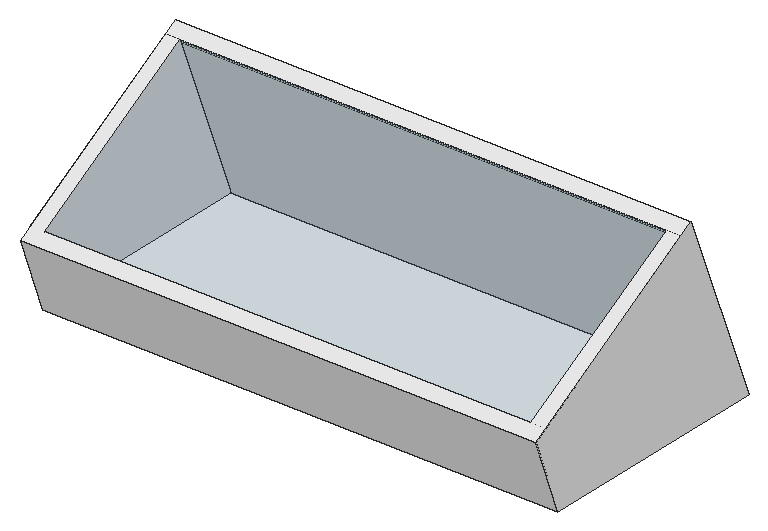
Revit family "Domotics-DomesticRanges-GEWISS-CHORUS_CONTAINER_INSTRUMENT_WHITE", category Apparecchi elettrici, Revit 2016
Family settings
  Mantenere orientamento annotazione = No
  Tipo di parte = Normale
  Quota connettore circolare = Usa diametro
  Basato su piano di lavoro = No
  Sempre verticale = Sì
  Taglio con vuoti quando caricato = No
  Condiviso = No
  Punto di calcolo locali = Sì
Parameters (values of type "GW16856 - Table plate 6P White")
  Version file RFA = "18.0"
  URL = "https://www.gewiss.com/ww/en"
  Torque screws tightening = "0,8NM"
  Thermo-pressure with ball = "70 °C"
  Technical sheet = "https://www.gewiss.com/ww/en/search?q=GW16856"
  Support = "GW16806"
  Suitable for plates = "ONE"
  Standard; = "EN 60670-1"
  Standard = "EN 60670-1"
  SEO = "Panel"
  Realized by GEWISS S.p.A. = ""
  Produttore = "GEWISS S.p.A."
  Outer dim. LxHxD (mm) = "181x90x69"
  Modello = "GW16856"
  Materiale_ = GEWISS BIANCO
  Material = "Rectangular"
  Larghezza = 181 mm
  Immagine tipo = GW16854.jpg
  IDT = "ac57cf95-720a-4d37-b923-c4ffb006943d"
  IDF = "7f89638b-f7e1-453d-9a1f-0e100603e236"
  Glow wire test: = "650 °C"
  Glow Wire Test = "650 °C"
  Electrocod = "0122"
  EAN code = "8011564279438"
  Descrizione = "TABLE AND WALL PLATE, 6-GANG, WHITE"
  Description: = "6 gang"
  Colour = "White"
  Catalogue Range = "CHORUS - DOMESTIC RANGE"
  Catalogue = "DOMOTICS"
  COBie.Tagnumber = ""
  COBie.CreatedOn = ""
  COBie.CreatebBy = ""
  COBie.ComponentRegisterItemID = ""
  COBie.Component.TagNumber = ""
  COBie.Component.Space = ""
  COBie.Component.SerialNumber = ""
  COBie.Component.InstallationDate = ""
  COBie.Component.Description = ""
  COBie.Component.BarCode = ""
Types (2, lengths in mm): name | Technical sheet | Support | Outer dim. LxHxD (mm) | Modello | Larghezza | IDT | EAN code | Descrizione | Description:
  GW16854 - Table plate 4P White | "https://www.gewiss.com/ww/en/search?q=GW16854" | "GW16804" | "140x90x69" | "GW16854" | 140 | "6296ec95-7c32-4731-9702-6d51d61b5969" | "8011564279421" | "TABLE AND WALL PLATE, 4-GANG, WHITE" | "4 gang"
  GW16856 - Table plate 6P White | "https://www.gewiss.com/ww/en/search?q=GW16856" | "GW16806" | "181x90x69" | "GW16856" | 181 | "ac57cf95-720a-4d37-b923-c4ffb006943d" | "8011564279438" | "TABLE AND WALL PLATE, 6-GANG, WHITE" | "6 gang"
Reference planes
  plane 1 "Centro (Fronte/Retro)": y = 0
  plane 2: z = 0
  plane 3 "Centro (Sinistra/Destra)": x = 0
  plane 4: y = 50
  plane 5: y = -50
  plane 6: x = -90.5
  plane 7: x = 90.5
  plane 8: y = -40
  plane 9: z = 67
  plane 10: through (0, -28.82, 1.792) normal (0, 0.9336, 0.3584)
  plane 11: z = 5
  plane 12: through (0, 20.134, 63.852) normal (0, -0.9336, -0.3584)
  plane 13: x = -85.5
  plane 14: x = 85.5
  plane 15 "A": through (4267.2, -43.54, 26.186) normal (0, -0.5, 0.866)
  plane 16 "C": through (4267.2, -9.369, 45.915) normal (0, -0.866, -0.5)
  plane 17: through (4267.2, -46.745, 23.181) normal (0, -0.5, 0.866)
Forms (mm)
  Sweep 1, solid, material "GEWISS BIANCO" <- "Materiale_"
    path in 3D
      loop
        line (0, 0, 59.924) -> (0, 30.527, -19.603)
    profile origin (0, 15.264, 20.161) x (0, 0.93358, 0.358368) y (1, 0, 0)
      loop
        line (-52.738, 90.5) -> (-52.738, -90.5) -> (25.204, -90.5) -> (25.204, 90.5) -> (-52.738, 90.5)
  Extrusion 2, void
    sketch origin (0, 0, 0) x (0, 1, 0) y (0, 0, 1)
      loop
        line (36.25, 72.253) -> (21.25, 98.234) -> (-87.441, 35.481) -> (-72.441, 9.5) -> (36.25, 72.253)
    from -90.5 to 90.5
  Extrusion 3, void
    sketch origin (0, 0, 0) x (1, 0, 0) y (0, 1, 0)
      loop
        line (-90.5, 85) -> (-90.5, -70) -> (90.5, -70) -> (90.5, 85) -> (-90.5, 85)
    from -119.131 to 0
  Extrusion 4, void
    sketch origin (0, 0, 0) x (0, 1, 0) y (0, 0, 1)
      loop
        line (18.925, 67) -> (-53.851, 67) -> (-30.051, 5) -> (42.725, 5) -> (18.925, 67)
    from -85.5 to 85.5
  Extrusion 5, solid, material "Vetro"
    sketch origin (0, 0, 0) x (0, 1, 0) y (0, 0, 1)
      loop
        line (-38.793, 27.772) -> (20.781, 62.167) -> (20.418, 63.112) -> (-39.155, 28.718) -> (-38.793, 27.772)
    from -90.5 to 90.5
Cuts and joins
  Extrusion 2, Extrusion 3, Extrusion 4 cuts Sweep 1
Lines and regions (mm)
  sketch lines
    curve 1: line (0, 0, 59.924) -> (0, 30.527, -19.603)
  model lines
    curve 2: line (-85.5, -12.432, 44.147) -> (85.5, -12.432, 44.147)
Dimensions and locks
  equal spacing: plane 4, plane 1 "Centro (Fronte/Retro)", plane 5
  plane 4 to plane 1 "Centro (Fronte/Retro)" = 50 mm
  equal spacing: plane 6, plane 3 "Centro (Sinistra/Destra)", plane 7
  locked: plane 8 to plane 5 at 10
  locked: plane 9 to level at 67
  plane 11 to level = 5 mm
  locked: plane 6 to plane 13 at 5
  locked: plane 14 to plane 7 at 5
  "Larghezza": plane 6 to plane 7
  locked: plane 15 "A" to plane 17 at 1
  aligned and locked: level to plane 2
  aligned and locked: level to Extrusion 3
  aligned and locked: Sweep 1 sketch curve to plane 6
  aligned and locked: plane 7 to Sweep 1 sketch curve
  aligned and locked: Extrusion 4 to plane 13
  aligned and locked: plane 14 to Extrusion 4
  aligned and locked: Extrusion 2 to plane 6
  aligned and locked: plane 7 to Extrusion 2
  aligned and locked: Extrusion 5 sketch curve to plane 17
  aligned and locked: Extrusion 5 sketch curve to plane 15 "A"
  aligned and locked: cut or joined group of Sweep 1, Extrusion 2, Extrusion 3, Extrusion 4 to Extrusion 5 sketch curve
  aligned and locked: Extrusion 5 sketch curve to plane 10
  aligned and locked: Extrusion 5 to plane 6
  aligned and locked: plane 7 to Extrusion 5
Automatic sketch dimensions
  Extrusion 3 sketch curve to plane 6 = 0 mm
  Extrusion 3 sketch curve to plane 7 = 0 mm
  plane 5 to Extrusion 3 sketch curve = 20 mm
  Extrusion 3 sketch curve to plane 4 = 35 mm
  plane 5 to Extrusion 2 sketch curve = 37.441 mm
  level to Extrusion 2 sketch curve = 9.5 mm
  Extrusion 2 sketch curve to Extrusion 2 sketch curve = 15 mm
  Extrusion 2 sketch curve to plane 1 "Centro (Fronte/Retro)" = 21.25 mm
  Extrusion 2 sketch curve to Extrusion 2 sketch curve = 25.981 mm
  Extrusion 4 sketch curve to plane 9 = 0 mm
  Extrusion 4 sketch curve to plane 10 = 0 mm  (x2)
  Extrusion 4 sketch curve to plane 11 = 0 mm
  Extrusion 4 sketch curve to plane 12 = 0 mm
  plane 12 to Extrusion 4 sketch curve = 0 mm
  profile plane to Sweep 1 sketch curve = 52.738 mm
  Sweep 1 sketch curve to profile plane = 25.204 mm
  curve 2 to plane 14 = 0 mm
  curve 2 to plane 13 = 0 mm
  plane 16 "C" to curve 2 = 3.536 mm
